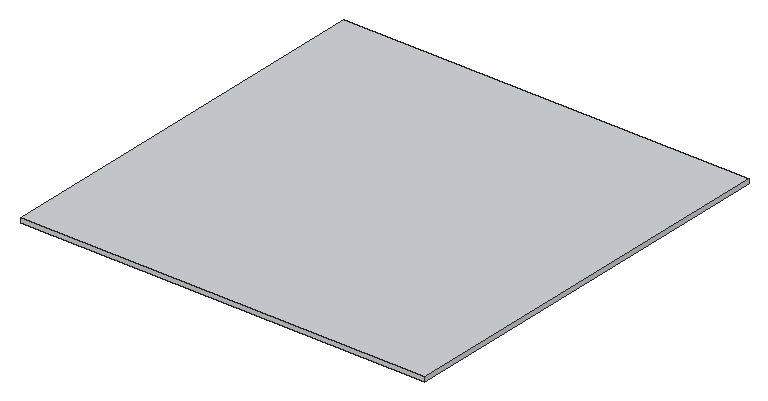
Revit family "M18", category Air Terminals, host Face, Revit 2025
Family settings
  Host = Face
  Round Connector Dimension = Use Diameter
  Part Type = Normal
  Cut with Voids When Loaded = No
  Maintain Annotation Orientation = Yes
  Shared = No
  Room Calculation Point = No
Parameters (values of type "Standard")
  X = 1/8"
  Width = 24"
  W = 5/16"
  V = 9/16"
  Length = 12"
  L = K - J  # 1 1/4"
  K = 2 1/2"
  J = 1 1/4"
  Duct Width [instance] = 12"
  Duct Height [instance] = 12"
  Default Elevation = 48"
  D' -3/4 = D' - 3/4"  # 11 1/4"
  D' -1/2 = D' - 1/2"  # 11 1/2"
  D' +1 3/4 = D' + 1 3/4"  # 13 3/4"
  D' = D / 2  # 12"
  D = 24"
Reference planes (in)
  plane 1 "Center (Front/Back)": y = 0
  plane 2: z = 0
  plane 3 "Center (Left/Right)": x = 0
  plane 4: x = 0
  plane 5: y = 0
Forms (in)
  Extrusion 1, solid
    sketch origin (0, 0, 0) x (1, 0, 0) y (0, 1, 0)
      loop
        line (-48, 48) -> (-48, -48) -> (48, -48) -> (48, 48) -> (-48, 48)
    from 0 to 1
  Sweep 2, solid, detail levels medium+fine
    path origin (0.00024, -36, 1.12815) x (0, -1, 0) y (1, 0, 0)
      loop
        line (-48, -6.00024) -> (-24, -6.00024) -> (-24, 5.99976) -> (-48, 5.99976) -> (-48, -6.00024)
    profile origin (0, 12, 1.12815) x (0, 1, 0) y (0, 0, 1)
      loop
        line (-0.03676, -2.58251) -> (-0.13924, -2.68499) -> (-0.13924, -2.87026) -> (0.13924, -2.87026) -> (0.13924, -2.68499) -> (0.03676, -2.58251) -> (0.03676, -1.12815) -> (0.28125, -1.12815) -> (0.28125, -0.81565) -> (-0.28125, -0.81565) -> (-0.28125, -1.12815) -> (-0.03676, -1.12815) -> (-0.03676, -2.58251)
      loop
        line (-0.69236, -0.89539) -> (-0.69236, -0.9719) -> (-0.50139, -0.9719) -> (-0.50139, -1.24976) -> (-0.19275, -1.24976) -> (-0.19275, -1.18961) -> (-0.42802, -1.18961) -> (-0.42802, -0.89539) -> (-0.69236, -0.89539)
      loop
        line (-0.75, -2.2298) -> (-0.69236, -2.2298) -> (-0.69236, -1.0668) -> (-0.60874, -1.0668) -> (-0.60874, -1.3168) -> (-0.5554, -1.3168) -> (-0.5554, -1.01055) -> (-0.75, -1.01055) -> (-0.75, -2.2298)
  Extrusion 3, solid, detail levels medium
    sketch origin (0, 0, 0) x (1, 0, 0) y (0, 1, 0)
      loop
        line (-5.71875, 11.71875) -> (-5.71875, 11.57198) -> (5.57198, 11.57198) -> (5.57198, 11.71875) -> (-5.71875, 11.71875)
    from 0 to -1.04566
  Extrusion 4, solid, detail levels medium
    sketch origin (0, -23.29073, 0) x (1, 0, 0) y (0, 1, 0)
      loop
        line (-5.71875, 11.71875) -> (-5.71875, 11.57198) -> (5.57198, 11.57198) -> (5.57198, 11.71875) -> (-5.71875, 11.71875)
    from 0 to -1.04566
  Extrusion 5, solid, detail levels medium
    sketch origin (0, -0.68502, 0) x (1, 0, 0) y (0, 1, 0)
      loop
        line (-5.71875, 11.71875) -> (-5.71875, 11.57198) -> (5.57198, 11.57198) -> (5.57198, 11.71875) -> (-5.71875, 11.71875)
    from 0 to -1.04566
  Extrusion 6, solid, detail levels medium
    sketch origin (0, -1.37004, 0) x (1, 0, 0) y (0, 1, 0)
      loop
        line (-5.71875, 11.71875) -> (-5.71875, 11.57198) -> (5.57198, 11.57198) -> (5.57198, 11.71875) -> (-5.71875, 11.71875)
    from 0 to -1.04566
  Extrusion 7, solid, detail levels medium
    sketch origin (0, -2.05506, 0) x (1, 0, 0) y (0, 1, 0)
      loop
        line (-5.71875, 11.71875) -> (-5.71875, 11.57198) -> (5.57198, 11.57198) -> (5.57198, 11.71875) -> (-5.71875, 11.71875)
    from 0 to -1.04566
  Extrusion 8, solid, detail levels medium
    sketch origin (0, -2.74009, 0) x (1, 0, 0) y (0, 1, 0)
      loop
        line (-5.71875, 11.71875) -> (-5.71875, 11.57198) -> (5.57198, 11.57198) -> (5.57198, 11.71875) -> (-5.71875, 11.71875)
    from 0 to -1.04566
  Extrusion 9, solid, detail levels medium
    sketch origin (0, -3.42511, 0) x (1, 0, 0) y (0, 1, 0)
      loop
        line (-5.71875, 11.71875) -> (-5.71875, 11.57198) -> (5.57198, 11.57198) -> (5.57198, 11.71875) -> (-5.71875, 11.71875)
    from 0 to -1.04566
  Extrusion 10, solid, detail levels medium
    sketch origin (0, -4.11013, 0) x (1, 0, 0) y (0, 1, 0)
      loop
        line (-5.71875, 11.71875) -> (-5.71875, 11.57198) -> (5.57198, 11.57198) -> (5.57198, 11.71875) -> (-5.71875, 11.71875)
    from 0 to -1.04566
  Extrusion 11, solid, detail levels medium
    sketch origin (0, -4.79515, 0) x (1, 0, 0) y (0, 1, 0)
      loop
        line (-5.71875, 11.71875) -> (-5.71875, 11.57198) -> (5.57198, 11.57198) -> (5.57198, 11.71875) -> (-5.71875, 11.71875)
    from 0 to -1.04566
  Extrusion 12, solid, detail levels medium
    sketch origin (0, -5.48017, 0) x (1, 0, 0) y (0, 1, 0)
      loop
        line (-5.71875, 11.71875) -> (-5.71875, 11.57198) -> (5.57198, 11.57198) -> (5.57198, 11.71875) -> (-5.71875, 11.71875)
    from 0 to -1.04566
  Extrusion 13, solid, detail levels medium
    sketch origin (0, -6.16519, 0) x (1, 0, 0) y (0, 1, 0)
      loop
        line (-5.71875, 11.71875) -> (-5.71875, 11.57198) -> (5.57198, 11.57198) -> (5.57198, 11.71875) -> (-5.71875, 11.71875)
    from 0 to -1.04566
  Extrusion 14, solid, detail levels medium
    sketch origin (0, -6.85021, 0) x (1, 0, 0) y (0, 1, 0)
      loop
        line (-5.71875, 11.71875) -> (-5.71875, 11.57198) -> (5.57198, 11.57198) -> (5.57198, 11.71875) -> (-5.71875, 11.71875)
    from 0 to -1.04566
  Extrusion 15, solid, detail levels medium
    sketch origin (0, -7.53524, 0) x (1, 0, 0) y (0, 1, 0)
      loop
        line (-5.71875, 11.71875) -> (-5.71875, 11.57198) -> (5.57198, 11.57198) -> (5.57198, 11.71875) -> (-5.71875, 11.71875)
    from 0 to -1.04566
  Extrusion 16, solid, detail levels medium
    sketch origin (0, -8.22026, 0) x (1, 0, 0) y (0, 1, 0)
      loop
        line (-5.71875, 11.71875) -> (-5.71875, 11.57198) -> (5.57198, 11.57198) -> (5.57198, 11.71875) -> (-5.71875, 11.71875)
    from 0 to -1.04566
  Extrusion 17, solid, detail levels medium
    sketch origin (0, -8.90528, 0) x (1, 0, 0) y (0, 1, 0)
      loop
        line (-5.71875, 11.71875) -> (-5.71875, 11.57198) -> (5.57198, 11.57198) -> (5.57198, 11.71875) -> (-5.71875, 11.71875)
    from 0 to -1.04566
  Extrusion 18, solid, detail levels medium
    sketch origin (0, -9.5903, 0) x (1, 0, 0) y (0, 1, 0)
      loop
        line (-5.71875, 11.71875) -> (-5.71875, 11.57198) -> (5.57198, 11.57198) -> (5.57198, 11.71875) -> (-5.71875, 11.71875)
    from 0 to -1.04566
  Extrusion 19, solid, detail levels medium
    sketch origin (0, -10.27532, 0) x (1, 0, 0) y (0, 1, 0)
      loop
        line (-5.71875, 11.71875) -> (-5.71875, 11.57198) -> (5.57198, 11.57198) -> (5.57198, 11.71875) -> (-5.71875, 11.71875)
    from 0 to -1.04566
  Extrusion 20, solid, detail levels medium
    sketch origin (0, -10.96034, 0) x (1, 0, 0) y (0, 1, 0)
      loop
        line (-5.71875, 11.71875) -> (-5.71875, 11.57198) -> (5.57198, 11.57198) -> (5.57198, 11.71875) -> (-5.71875, 11.71875)
    from 0 to -1.04566
  Extrusion 21, solid, detail levels medium
    sketch origin (0, -11.64536, 0) x (1, 0, 0) y (0, 1, 0)
      loop
        line (-5.71875, 11.71875) -> (-5.71875, 11.57198) -> (5.57198, 11.57198) -> (5.57198, 11.71875) -> (-5.71875, 11.71875)
    from 0 to -1.04566
  Extrusion 22, solid, detail levels medium
    sketch origin (0, -12.33038, 0) x (1, 0, 0) y (0, 1, 0)
      loop
        line (-5.71875, 11.71875) -> (-5.71875, 11.57198) -> (5.57198, 11.57198) -> (5.57198, 11.71875) -> (-5.71875, 11.71875)
    from 0 to -1.04566
  Extrusion 23, solid, detail levels medium
    sketch origin (0, -13.01541, 0) x (1, 0, 0) y (0, 1, 0)
      loop
        line (-5.71875, 11.71875) -> (-5.71875, 11.57198) -> (5.57198, 11.57198) -> (5.57198, 11.71875) -> (-5.71875, 11.71875)
    from 0 to -1.04566
  Extrusion 24, solid, detail levels medium
    sketch origin (0, -13.70043, 0) x (1, 0, 0) y (0, 1, 0)
      loop
        line (-5.71875, 11.71875) -> (-5.71875, 11.57198) -> (5.57198, 11.57198) -> (5.57198, 11.71875) -> (-5.71875, 11.71875)
    from 0 to -1.04566
  Extrusion 25, solid, detail levels medium
    sketch origin (0, -14.38545, 0) x (1, 0, 0) y (0, 1, 0)
      loop
        line (-5.71875, 11.71875) -> (-5.71875, 11.57198) -> (5.57198, 11.57198) -> (5.57198, 11.71875) -> (-5.71875, 11.71875)
    from 0 to -1.04566
  Extrusion 26, solid, detail levels medium
    sketch origin (0, -15.07047, 0) x (1, 0, 0) y (0, 1, 0)
      loop
        line (-5.71875, 11.71875) -> (-5.71875, 11.57198) -> (5.57198, 11.57198) -> (5.57198, 11.71875) -> (-5.71875, 11.71875)
    from 0 to -1.04566
  Extrusion 27, solid, detail levels medium
    sketch origin (0, -15.75549, 0) x (1, 0, 0) y (0, 1, 0)
      loop
        line (-5.71875, 11.71875) -> (-5.71875, 11.57198) -> (5.57198, 11.57198) -> (5.57198, 11.71875) -> (-5.71875, 11.71875)
    from 0 to -1.04566
  Extrusion 28, solid, detail levels medium
    sketch origin (0, -16.44051, 0) x (1, 0, 0) y (0, 1, 0)
      loop
        line (-5.71875, 11.71875) -> (-5.71875, 11.57198) -> (5.57198, 11.57198) -> (5.57198, 11.71875) -> (-5.71875, 11.71875)
    from 0 to -1.04566
  Extrusion 29, solid, detail levels medium
    sketch origin (0, -17.12553, 0) x (1, 0, 0) y (0, 1, 0)
      loop
        line (-5.71875, 11.71875) -> (-5.71875, 11.57198) -> (5.57198, 11.57198) -> (5.57198, 11.71875) -> (-5.71875, 11.71875)
    from 0 to -1.04566
  Extrusion 30, solid, detail levels medium
    sketch origin (0, -17.81056, 0) x (1, 0, 0) y (0, 1, 0)
      loop
        line (-5.71875, 11.71875) -> (-5.71875, 11.57198) -> (5.57198, 11.57198) -> (5.57198, 11.71875) -> (-5.71875, 11.71875)
    from 0 to -1.04566
  Extrusion 31, solid, detail levels medium
    sketch origin (0, -18.49558, 0) x (1, 0, 0) y (0, 1, 0)
      loop
        line (-5.71875, 11.71875) -> (-5.71875, 11.57198) -> (5.57198, 11.57198) -> (5.57198, 11.71875) -> (-5.71875, 11.71875)
    from 0 to -1.04566
  Extrusion 32, solid, detail levels medium
    sketch origin (0, -19.1806, 0) x (1, 0, 0) y (0, 1, 0)
      loop
        line (-5.71875, 11.71875) -> (-5.71875, 11.57198) -> (5.57198, 11.57198) -> (5.57198, 11.71875) -> (-5.71875, 11.71875)
    from 0 to -1.04566
  Extrusion 33, solid, detail levels medium
    sketch origin (0, -19.86562, 0) x (1, 0, 0) y (0, 1, 0)
      loop
        line (-5.71875, 11.71875) -> (-5.71875, 11.57198) -> (5.57198, 11.57198) -> (5.57198, 11.71875) -> (-5.71875, 11.71875)
    from 0 to -1.04566
  Extrusion 34, solid, detail levels medium
    sketch origin (0, -20.55064, 0) x (1, 0, 0) y (0, 1, 0)
      loop
        line (-5.71875, 11.71875) -> (-5.71875, 11.57198) -> (5.57198, 11.57198) -> (5.57198, 11.71875) -> (-5.71875, 11.71875)
    from 0 to -1.04566
  Extrusion 35, solid, detail levels medium
    sketch origin (0, -21.23566, 0) x (1, 0, 0) y (0, 1, 0)
      loop
        line (-5.71875, 11.71875) -> (-5.71875, 11.57198) -> (5.57198, 11.57198) -> (5.57198, 11.71875) -> (-5.71875, 11.71875)
    from 0 to -1.04566
  Extrusion 36, solid, detail levels medium
    sketch origin (0, -21.92068, 0) x (1, 0, 0) y (0, 1, 0)
      loop
        line (-5.71875, 11.71875) -> (-5.71875, 11.57198) -> (5.57198, 11.57198) -> (5.57198, 11.71875) -> (-5.71875, 11.71875)
    from 0 to -1.04566
  Extrusion 37, solid, detail levels medium
    sketch origin (0, -22.60571, 0) x (1, 0, 0) y (0, 1, 0)
      loop
        line (-5.71875, 11.71875) -> (-5.71875, 11.57198) -> (5.57198, 11.57198) -> (5.57198, 11.71875) -> (-5.71875, 11.71875)
    from 0 to -1.04566
  Extrusion 38, solid, detail levels medium
    sketch origin (0, 0, 0) x (1, 0, 0) y (0, 1, 0)
      loop
        line (5.4446, 11.71875) -> (5.4446, -11.71875) -> (5.57198, -11.71875) -> (5.57198, 11.71875) -> (5.4446, 11.71875)
    from 0 to -1.04566
  Extrusion 39, solid, detail levels medium
    sketch origin (-11.16335, 0, 0) x (1, 0, 0) y (0, 1, 0)
      loop
        line (5.4446, 11.71875) -> (5.4446, -11.71875) -> (5.57198, -11.71875) -> (5.57198, 11.71875) -> (5.4446, 11.71875)
    from 0 to -1.04566
  Extrusion 40, solid, detail levels medium
    sketch origin (-0.58754, 0, 0) x (1, 0, 0) y (0, 1, 0)
      loop
        line (5.4446, 11.71875) -> (5.4446, -11.71875) -> (5.57198, -11.71875) -> (5.57198, 11.71875) -> (5.4446, 11.71875)
    from 0 to -1.04566
  Extrusion 41, solid, detail levels medium
    sketch origin (-1.17509, 0, 0) x (1, 0, 0) y (0, 1, 0)
      loop
        line (5.4446, 11.71875) -> (5.4446, -11.71875) -> (5.57198, -11.71875) -> (5.57198, 11.71875) -> (5.4446, 11.71875)
    from 0 to -1.04566
  Extrusion 42, solid, detail levels medium
    sketch origin (-1.76263, 0, 0) x (1, 0, 0) y (0, 1, 0)
      loop
        line (5.4446, 11.71875) -> (5.4446, -11.71875) -> (5.57198, -11.71875) -> (5.57198, 11.71875) -> (5.4446, 11.71875)
    from 0 to -1.04566
  Extrusion 43, solid, detail levels medium
    sketch origin (-2.35018, 0, 0) x (1, 0, 0) y (0, 1, 0)
      loop
        line (5.4446, 11.71875) -> (5.4446, -11.71875) -> (5.57198, -11.71875) -> (5.57198, 11.71875) -> (5.4446, 11.71875)
    from 0 to -1.04566
  Extrusion 44, solid, detail levels medium
    sketch origin (-2.93772, 0, 0) x (1, 0, 0) y (0, 1, 0)
      loop
        line (5.4446, 11.71875) -> (5.4446, -11.71875) -> (5.57198, -11.71875) -> (5.57198, 11.71875) -> (5.4446, 11.71875)
    from 0 to -1.04566
  Extrusion 45, solid, detail levels medium
    sketch origin (-3.52527, 0, 0) x (1, 0, 0) y (0, 1, 0)
      loop
        line (5.4446, 11.71875) -> (5.4446, -11.71875) -> (5.57198, -11.71875) -> (5.57198, 11.71875) -> (5.4446, 11.71875)
    from 0 to -1.04566
  Extrusion 46, solid, detail levels medium
    sketch origin (-4.11281, 0, 0) x (1, 0, 0) y (0, 1, 0)
      loop
        line (5.4446, 11.71875) -> (5.4446, -11.71875) -> (5.57198, -11.71875) -> (5.57198, 11.71875) -> (5.4446, 11.71875)
    from 0 to -1.04566
  Extrusion 47, solid, detail levels medium
    sketch origin (-4.70036, 0, 0) x (1, 0, 0) y (0, 1, 0)
      loop
        line (5.4446, 11.71875) -> (5.4446, -11.71875) -> (5.57198, -11.71875) -> (5.57198, 11.71875) -> (5.4446, 11.71875)
    from 0 to -1.04566
  Extrusion 48, solid, detail levels medium
    sketch origin (-5.2879, 0, 0) x (1, 0, 0) y (0, 1, 0)
      loop
        line (5.4446, 11.71875) -> (5.4446, -11.71875) -> (5.57198, -11.71875) -> (5.57198, 11.71875) -> (5.4446, 11.71875)
    from 0 to -1.04566
  Extrusion 49, solid, detail levels medium
    sketch origin (-5.87545, 0, 0) x (1, 0, 0) y (0, 1, 0)
      loop
        line (5.4446, 11.71875) -> (5.4446, -11.71875) -> (5.57198, -11.71875) -> (5.57198, 11.71875) -> (5.4446, 11.71875)
    from 0 to -1.04566
  Extrusion 50, solid, detail levels medium
    sketch origin (-6.46299, 0, 0) x (1, 0, 0) y (0, 1, 0)
      loop
        line (5.4446, 11.71875) -> (5.4446, -11.71875) -> (5.57198, -11.71875) -> (5.57198, 11.71875) -> (5.4446, 11.71875)
    from 0 to -1.04566
  Extrusion 51, solid, detail levels medium
    sketch origin (-7.05054, 0, 0) x (1, 0, 0) y (0, 1, 0)
      loop
        line (5.4446, 11.71875) -> (5.4446, -11.71875) -> (5.57198, -11.71875) -> (5.57198, 11.71875) -> (5.4446, 11.71875)
    from 0 to -1.04566
  Extrusion 52, solid, detail levels medium
    sketch origin (-7.63808, 0, 0) x (1, 0, 0) y (0, 1, 0)
      loop
        line (5.4446, 11.71875) -> (5.4446, -11.71875) -> (5.57198, -11.71875) -> (5.57198, 11.71875) -> (5.4446, 11.71875)
    from 0 to -1.04566
  Extrusion 53, solid, detail levels medium
    sketch origin (-8.22563, 0, 0) x (1, 0, 0) y (0, 1, 0)
      loop
        line (5.4446, 11.71875) -> (5.4446, -11.71875) -> (5.57198, -11.71875) -> (5.57198, 11.71875) -> (5.4446, 11.71875)
    from 0 to -1.04566
  Extrusion 54, solid, detail levels medium
    sketch origin (-8.81317, 0, 0) x (1, 0, 0) y (0, 1, 0)
      loop
        line (5.4446, 11.71875) -> (5.4446, -11.71875) -> (5.57198, -11.71875) -> (5.57198, 11.71875) -> (5.4446, 11.71875)
    from 0 to -1.04566
  Extrusion 55, solid, detail levels medium
    sketch origin (-9.40072, 0, 0) x (1, 0, 0) y (0, 1, 0)
      loop
        line (5.4446, 11.71875) -> (5.4446, -11.71875) -> (5.57198, -11.71875) -> (5.57198, 11.71875) -> (5.4446, 11.71875)
    from 0 to -1.04566
  Extrusion 56, solid, detail levels medium
    sketch origin (-9.98826, 0, 0) x (1, 0, 0) y (0, 1, 0)
      loop
        line (5.4446, 11.71875) -> (5.4446, -11.71875) -> (5.57198, -11.71875) -> (5.57198, 11.71875) -> (5.4446, 11.71875)
    from 0 to -1.04566
  Extrusion 57, solid, detail levels medium
    sketch origin (-10.5758, 0, 0) x (1, 0, 0) y (0, 1, 0)
      loop
        line (5.4446, 11.71875) -> (5.4446, -11.71875) -> (5.57198, -11.71875) -> (5.57198, 11.71875) -> (5.4446, 11.71875)
    from 0 to -1.04566
  Extrusion 58, solid, not visible, detail levels medium
    sketch origin (0, 0, 0) x (1, 0, 0) y (0, 1, 0)
      loop
        line (5.4446, 11.71875) -> (5.4446, -11.71875) -> (5.57198, -11.71875) -> (5.57198, 11.71875) -> (5.4446, 11.71875)
    from 0 to -1.04566
  Extrusion 59, solid, not visible, detail levels medium
    sketch origin (0, 0, 0) x (1, 0, 0) y (0, 1, 0)
      loop
        line (-5.71875, 11.71875) -> (-5.71875, 11.57198) -> (5.57198, 11.57198) -> (5.57198, 11.71875) -> (-5.71875, 11.71875)
    from 0 to -1.04566
  Extrusion 60, solid, not visible, detail levels medium
    sketch origin (0, 0, 0) x (1, 0, 0) y (0, 1, 0)
      loop
        line (-5.71875, 11.71875) -> (-5.71875, 11.57198) -> (5.57198, 11.57198) -> (5.57198, 11.71875) -> (-5.71875, 11.71875)
    from 0 to -1.04566
  Extrusion 61, solid, not visible, detail levels medium
    sketch origin (0, -23.29073, 0) x (1, 0, 0) y (0, 1, 0)
      loop
        line (-5.71875, 11.71875) -> (-5.71875, 11.57198) -> (5.57198, 11.57198) -> (5.57198, 11.71875) -> (-5.71875, 11.71875)
    from 0 to -1.04566
  Extrusion 62, solid, not visible, detail levels medium
    sketch origin (0, -0.68502, 0) x (1, 0, 0) y (0, 1, 0)
      loop
        line (-5.71875, 11.71875) -> (-5.71875, 11.57198) -> (5.57198, 11.57198) -> (5.57198, 11.71875) -> (-5.71875, 11.71875)
    from 0 to -1.04566
  Extrusion 63, solid, not visible, detail levels medium
    sketch origin (0, -1.37004, 0) x (1, 0, 0) y (0, 1, 0)
      loop
        line (-5.71875, 11.71875) -> (-5.71875, 11.57198) -> (5.57198, 11.57198) -> (5.57198, 11.71875) -> (-5.71875, 11.71875)
    from 0 to -1.04566
  Extrusion 64, solid, not visible, detail levels medium
    sketch origin (0, -2.05506, 0) x (1, 0, 0) y (0, 1, 0)
      loop
        line (-5.71875, 11.71875) -> (-5.71875, 11.57198) -> (5.57198, 11.57198) -> (5.57198, 11.71875) -> (-5.71875, 11.71875)
    from 0 to -1.04566
  Extrusion 65, solid, not visible, detail levels medium
    sketch origin (0, -2.74009, 0) x (1, 0, 0) y (0, 1, 0)
      loop
        line (-5.71875, 11.71875) -> (-5.71875, 11.57198) -> (5.57198, 11.57198) -> (5.57198, 11.71875) -> (-5.71875, 11.71875)
    from 0 to -1.04566
  Extrusion 66, solid, not visible, detail levels medium
    sketch origin (0, -3.42511, 0) x (1, 0, 0) y (0, 1, 0)
      loop
        line (-5.71875, 11.71875) -> (-5.71875, 11.57198) -> (5.57198, 11.57198) -> (5.57198, 11.71875) -> (-5.71875, 11.71875)
    from 0 to -1.04566
  Extrusion 67, solid, not visible, detail levels medium
    sketch origin (0, -4.11013, 0) x (1, 0, 0) y (0, 1, 0)
      loop
        line (-5.71875, 11.71875) -> (-5.71875, 11.57198) -> (5.57198, 11.57198) -> (5.57198, 11.71875) -> (-5.71875, 11.71875)
    from 0 to -1.04566
  Extrusion 68, solid, not visible, detail levels medium
    sketch origin (0, -4.79515, 0) x (1, 0, 0) y (0, 1, 0)
      loop
        line (-5.71875, 11.71875) -> (-5.71875, 11.57198) -> (5.57198, 11.57198) -> (5.57198, 11.71875) -> (-5.71875, 11.71875)
    from 0 to -1.04566
  Extrusion 69, solid, not visible, detail levels medium
    sketch origin (0, -5.48017, 0) x (1, 0, 0) y (0, 1, 0)
      loop
        line (-5.71875, 11.71875) -> (-5.71875, 11.57198) -> (5.57198, 11.57198) -> (5.57198, 11.71875) -> (-5.71875, 11.71875)
    from 0 to -1.04566
  Extrusion 70, solid, not visible, detail levels medium
    sketch origin (0, -6.16519, 0) x (1, 0, 0) y (0, 1, 0)
      loop
        line (-5.71875, 11.71875) -> (-5.71875, 11.57198) -> (5.57198, 11.57198) -> (5.57198, 11.71875) -> (-5.71875, 11.71875)
    from 0 to -1.04566
  Extrusion 71, solid, not visible, detail levels medium
    sketch origin (0, -6.85021, 0) x (1, 0, 0) y (0, 1, 0)
      loop
        line (-5.71875, 11.71875) -> (-5.71875, 11.57198) -> (5.57198, 11.57198) -> (5.57198, 11.71875) -> (-5.71875, 11.71875)
    from 0 to -1.04566
  Extrusion 72, solid, not visible, detail levels medium
    sketch origin (0, -7.53524, 0) x (1, 0, 0) y (0, 1, 0)
      loop
        line (-5.71875, 11.71875) -> (-5.71875, 11.57198) -> (5.57198, 11.57198) -> (5.57198, 11.71875) -> (-5.71875, 11.71875)
    from 0 to -1.04566
  Extrusion 73, solid, not visible, detail levels medium
    sketch origin (0, -8.22026, 0) x (1, 0, 0) y (0, 1, 0)
      loop
        line (-5.71875, 11.71875) -> (-5.71875, 11.57198) -> (5.57198, 11.57198) -> (5.57198, 11.71875) -> (-5.71875, 11.71875)
    from 0 to -1.04566
  Extrusion 74, solid, not visible, detail levels medium
    sketch origin (0, -8.90528, 0) x (1, 0, 0) y (0, 1, 0)
      loop
        line (-5.71875, 11.71875) -> (-5.71875, 11.57198) -> (5.57198, 11.57198) -> (5.57198, 11.71875) -> (-5.71875, 11.71875)
    from 0 to -1.04566
  Extrusion 75, solid, not visible, detail levels medium
    sketch origin (0, -9.5903, 0) x (1, 0, 0) y (0, 1, 0)
      loop
        line (-5.71875, 11.71875) -> (-5.71875, 11.57198) -> (5.57198, 11.57198) -> (5.57198, 11.71875) -> (-5.71875, 11.71875)
    from 0 to -1.04566
  Extrusion 76, solid, not visible, detail levels medium
    sketch origin (0, -10.27532, 0) x (1, 0, 0) y (0, 1, 0)
      loop
        line (-5.71875, 11.71875) -> (-5.71875, 11.57198) -> (5.57198, 11.57198) -> (5.57198, 11.71875) -> (-5.71875, 11.71875)
    from 0 to -1.04566
  Extrusion 77, solid, not visible, detail levels medium
    sketch origin (0, -10.96034, 0) x (1, 0, 0) y (0, 1, 0)
      loop
        line (-5.71875, 11.71875) -> (-5.71875, 11.57198) -> (5.57198, 11.57198) -> (5.57198, 11.71875) -> (-5.71875, 11.71875)
    from 0 to -1.04566
  Extrusion 78, solid, not visible, detail levels medium
    sketch origin (0, -11.64536, 0) x (1, 0, 0) y (0, 1, 0)
      loop
        line (-5.71875, 11.71875) -> (-5.71875, 11.57198) -> (5.57198, 11.57198) -> (5.57198, 11.71875) -> (-5.71875, 11.71875)
    from 0 to -1.04566
  Extrusion 79, solid, not visible, detail levels medium
    sketch origin (0, -12.33038, 0) x (1, 0, 0) y (0, 1, 0)
      loop
        line (-5.71875, 11.71875) -> (-5.71875, 11.57198) -> (5.57198, 11.57198) -> (5.57198, 11.71875) -> (-5.71875, 11.71875)
    from 0 to -1.04566
  Extrusion 80, solid, not visible, detail levels medium
    sketch origin (0, -13.01541, 0) x (1, 0, 0) y (0, 1, 0)
      loop
        line (-5.71875, 11.71875) -> (-5.71875, 11.57198) -> (5.57198, 11.57198) -> (5.57198, 11.71875) -> (-5.71875, 11.71875)
    from 0 to -1.04566
  Extrusion 81, solid, not visible, detail levels medium
    sketch origin (0, -13.70043, 0) x (1, 0, 0) y (0, 1, 0)
      loop
        line (-5.71875, 11.71875) -> (-5.71875, 11.57198) -> (5.57198, 11.57198) -> (5.57198, 11.71875) -> (-5.71875, 11.71875)
    from 0 to -1.04566
  Extrusion 82, solid, not visible, detail levels medium
    sketch origin (0, -14.38545, 0) x (1, 0, 0) y (0, 1, 0)
      loop
        line (-5.71875, 11.71875) -> (-5.71875, 11.57198) -> (5.57198, 11.57198) -> (5.57198, 11.71875) -> (-5.71875, 11.71875)
    from 0 to -1.04566
  Extrusion 83, solid, not visible, detail levels medium
    sketch origin (0, -15.07047, 0) x (1, 0, 0) y (0, 1, 0)
      loop
        line (-5.71875, 11.71875) -> (-5.71875, 11.57198) -> (5.57198, 11.57198) -> (5.57198, 11.71875) -> (-5.71875, 11.71875)
    from 0 to -1.04566
  Extrusion 84, solid, not visible, detail levels medium
    sketch origin (0, -15.75549, 0) x (1, 0, 0) y (0, 1, 0)
      loop
        line (-5.71875, 11.71875) -> (-5.71875, 11.57198) -> (5.57198, 11.57198) -> (5.57198, 11.71875) -> (-5.71875, 11.71875)
    from 0 to -1.04566
  Extrusion 85, solid, not visible, detail levels medium
    sketch origin (0, -16.44051, 0) x (1, 0, 0) y (0, 1, 0)
      loop
        line (-5.71875, 11.71875) -> (-5.71875, 11.57198) -> (5.57198, 11.57198) -> (5.57198, 11.71875) -> (-5.71875, 11.71875)
    from 0 to -1.04566
  Extrusion 86, solid, not visible, detail levels medium
    sketch origin (0, -17.12553, 0) x (1, 0, 0) y (0, 1, 0)
      loop
        line (-5.71875, 11.71875) -> (-5.71875, 11.57198) -> (5.57198, 11.57198) -> (5.57198, 11.71875) -> (-5.71875, 11.71875)
    from 0 to -1.04566
  Extrusion 87, solid, not visible, detail levels medium
    sketch origin (0, -17.81056, 0) x (1, 0, 0) y (0, 1, 0)
      loop
        line (-5.71875, 11.71875) -> (-5.71875, 11.57198) -> (5.57198, 11.57198) -> (5.57198, 11.71875) -> (-5.71875, 11.71875)
    from 0 to -1.04566
  Extrusion 88, solid, not visible, detail levels medium
    sketch origin (0, -18.49558, 0) x (1, 0, 0) y (0, 1, 0)
      loop
        line (-5.71875, 11.71875) -> (-5.71875, 11.57198) -> (5.57198, 11.57198) -> (5.57198, 11.71875) -> (-5.71875, 11.71875)
    from 0 to -1.04566
  Extrusion 89, solid, not visible, detail levels medium
    sketch origin (0, -19.1806, 0) x (1, 0, 0) y (0, 1, 0)
      loop
        line (-5.71875, 11.71875) -> (-5.71875, 11.57198) -> (5.57198, 11.57198) -> (5.57198, 11.71875) -> (-5.71875, 11.71875)
    from 0 to -1.04566
  Extrusion 90, solid, not visible, detail levels medium
    sketch origin (0, -19.86562, 0) x (1, 0, 0) y (0, 1, 0)
      loop
        line (-5.71875, 11.71875) -> (-5.71875, 11.57198) -> (5.57198, 11.57198) -> (5.57198, 11.71875) -> (-5.71875, 11.71875)
    from 0 to -1.04566
  Extrusion 91, solid, not visible, detail levels medium
    sketch origin (0, -20.55064, 0) x (1, 0, 0) y (0, 1, 0)
      loop
        line (-5.71875, 11.71875) -> (-5.71875, 11.57198) -> (5.57198, 11.57198) -> (5.57198, 11.71875) -> (-5.71875, 11.71875)
    from 0 to -1.04566
  Extrusion 92, solid, not visible, detail levels medium
    sketch origin (0, -21.23566, 0) x (1, 0, 0) y (0, 1, 0)
      loop
        line (-5.71875, 11.71875) -> (-5.71875, 11.57198) -> (5.57198, 11.57198) -> (5.57198, 11.71875) -> (-5.71875, 11.71875)
    from 0 to -1.04566
  Extrusion 93, solid, not visible, detail levels medium
    sketch origin (0, -21.92068, 0) x (1, 0, 0) y (0, 1, 0)
      loop
        line (-5.71875, 11.71875) -> (-5.71875, 11.57198) -> (5.57198, 11.57198) -> (5.57198, 11.71875) -> (-5.71875, 11.71875)
    from 0 to -1.04566
  Extrusion 94, solid, not visible, detail levels medium
    sketch origin (0, -22.60571, 0) x (1, 0, 0) y (0, 1, 0)
      loop
        line (-5.71875, 11.71875) -> (-5.71875, 11.57198) -> (5.57198, 11.57198) -> (5.57198, 11.71875) -> (-5.71875, 11.71875)
    from 0 to -1.04566
  Extrusion 95, solid, not visible, detail levels medium
    sketch origin (0, 0, 0) x (1, 0, 0) y (0, 1, 0)
      loop
        line (5.4446, 11.71875) -> (5.4446, -11.71875) -> (5.57198, -11.71875) -> (5.57198, 11.71875) -> (5.4446, 11.71875)
    from 0 to -1.04566
  Extrusion 96, solid, not visible, detail levels medium
    sketch origin (-11.16335, 0, 0) x (1, 0, 0) y (0, 1, 0)
      loop
        line (5.4446, 11.71875) -> (5.4446, -11.71875) -> (5.57198, -11.71875) -> (5.57198, 11.71875) -> (5.4446, 11.71875)
    from 0 to -1.04566
  Extrusion 97, solid, not visible, detail levels medium
    sketch origin (-0.58754, 0, 0) x (1, 0, 0) y (0, 1, 0)
      loop
        line (5.4446, 11.71875) -> (5.4446, -11.71875) -> (5.57198, -11.71875) -> (5.57198, 11.71875) -> (5.4446, 11.71875)
    from 0 to -1.04566
  Extrusion 98, solid, not visible, detail levels medium
    sketch origin (-1.17509, 0, 0) x (1, 0, 0) y (0, 1, 0)
      loop
        line (5.4446, 11.71875) -> (5.4446, -11.71875) -> (5.57198, -11.71875) -> (5.57198, 11.71875) -> (5.4446, 11.71875)
    from 0 to -1.04566
  Extrusion 99, solid, not visible, detail levels medium
    sketch origin (-1.76263, 0, 0) x (1, 0, 0) y (0, 1, 0)
      loop
        line (5.4446, 11.71875) -> (5.4446, -11.71875) -> (5.57198, -11.71875) -> (5.57198, 11.71875) -> (5.4446, 11.71875)
    from 0 to -1.04566
  Extrusion 100, solid, not visible, detail levels medium
    sketch origin (-2.35018, 0, 0) x (1, 0, 0) y (0, 1, 0)
      loop
        line (5.4446, 11.71875) -> (5.4446, -11.71875) -> (5.57198, -11.71875) -> (5.57198, 11.71875) -> (5.4446, 11.71875)
    from 0 to -1.04566
  Extrusion 101, solid, not visible, detail levels medium
    sketch origin (-2.93772, 0, 0) x (1, 0, 0) y (0, 1, 0)
      loop
        line (5.4446, 11.71875) -> (5.4446, -11.71875) -> (5.57198, -11.71875) -> (5.57198, 11.71875) -> (5.4446, 11.71875)
    from 0 to -1.04566
  Extrusion 102, solid, not visible, detail levels medium
    sketch origin (-3.52527, 0, 0) x (1, 0, 0) y (0, 1, 0)
      loop
        line (5.4446, 11.71875) -> (5.4446, -11.71875) -> (5.57198, -11.71875) -> (5.57198, 11.71875) -> (5.4446, 11.71875)
    from 0 to -1.04566
  Extrusion 103, solid, not visible, detail levels medium
    sketch origin (-4.11281, 0, 0) x (1, 0, 0) y (0, 1, 0)
      loop
        line (5.4446, 11.71875) -> (5.4446, -11.71875) -> (5.57198, -11.71875) -> (5.57198, 11.71875) -> (5.4446, 11.71875)
    from 0 to -1.04566
  Extrusion 104, solid, not visible, detail levels medium
    sketch origin (-4.70036, 0, 0) x (1, 0, 0) y (0, 1, 0)
      loop
        line (5.4446, 11.71875) -> (5.4446, -11.71875) -> (5.57198, -11.71875) -> (5.57198, 11.71875) -> (5.4446, 11.71875)
    from 0 to -1.04566
  Extrusion 105, solid, not visible, detail levels medium
    sketch origin (-5.2879, 0, 0) x (1, 0, 0) y (0, 1, 0)
      loop
        line (5.4446, 11.71875) -> (5.4446, -11.71875) -> (5.57198, -11.71875) -> (5.57198, 11.71875) -> (5.4446, 11.71875)
    from 0 to -1.04566
  Extrusion 106, solid, not visible, detail levels medium
    sketch origin (-5.87545, 0, 0) x (1, 0, 0) y (0, 1, 0)
      loop
        line (5.4446, 11.71875) -> (5.4446, -11.71875) -> (5.57198, -11.71875) -> (5.57198, 11.71875) -> (5.4446, 11.71875)
    from 0 to -1.04566
  Extrusion 107, solid, not visible, detail levels medium
    sketch origin (-6.46299, 0, 0) x (1, 0, 0) y (0, 1, 0)
      loop
        line (5.4446, 11.71875) -> (5.4446, -11.71875) -> (5.57198, -11.71875) -> (5.57198, 11.71875) -> (5.4446, 11.71875)
    from 0 to -1.04566
  Extrusion 108, solid, not visible, detail levels medium
    sketch origin (-7.05054, 0, 0) x (1, 0, 0) y (0, 1, 0)
      loop
        line (5.4446, 11.71875) -> (5.4446, -11.71875) -> (5.57198, -11.71875) -> (5.57198, 11.71875) -> (5.4446, 11.71875)
    from 0 to -1.04566
  Extrusion 109, solid, not visible, detail levels medium
    sketch origin (-7.63808, 0, 0) x (1, 0, 0) y (0, 1, 0)
      loop
        line (5.4446, 11.71875) -> (5.4446, -11.71875) -> (5.57198, -11.71875) -> (5.57198, 11.71875) -> (5.4446, 11.71875)
    from 0 to -1.04566
  Extrusion 110, solid, not visible, detail levels medium
    sketch origin (-8.22563, 0, 0) x (1, 0, 0) y (0, 1, 0)
      loop
        line (5.4446, 11.71875) -> (5.4446, -11.71875) -> (5.57198, -11.71875) -> (5.57198, 11.71875) -> (5.4446, 11.71875)
    from 0 to -1.04566
  Extrusion 111, solid, not visible, detail levels medium
    sketch origin (-8.81317, 0, 0) x (1, 0, 0) y (0, 1, 0)
      loop
        line (5.4446, 11.71875) -> (5.4446, -11.71875) -> (5.57198, -11.71875) -> (5.57198, 11.71875) -> (5.4446, 11.71875)
    from 0 to -1.04566
  Extrusion 112, solid, not visible, detail levels medium
    sketch origin (-9.40072, 0, 0) x (1, 0, 0) y (0, 1, 0)
      loop
        line (5.4446, 11.71875) -> (5.4446, -11.71875) -> (5.57198, -11.71875) -> (5.57198, 11.71875) -> (5.4446, 11.71875)
    from 0 to -1.04566
  Extrusion 113, solid, not visible, detail levels medium
    sketch origin (-9.98826, 0, 0) x (1, 0, 0) y (0, 1, 0)
      loop
        line (5.4446, 11.71875) -> (5.4446, -11.71875) -> (5.57198, -11.71875) -> (5.57198, 11.71875) -> (5.4446, 11.71875)
    from 0 to -1.04566
  Extrusion 114, solid, not visible, detail levels medium
    sketch origin (-10.5758, 0, 0) x (1, 0, 0) y (0, 1, 0)
      loop
        line (5.4446, 11.71875) -> (5.4446, -11.71875) -> (5.57198, -11.71875) -> (5.57198, 11.71875) -> (5.4446, 11.71875)
    from 0 to -1.04566
  Extrusion 115, void
    sketch origin (0, 0, 0) x (1, 0, 0) y (0, 1, 0)
      loop
        line (-5.71875, 11.80725) -> (-5.71875, -11.80725) -> (5.57198, -11.80725) -> (5.57198, 11.80725) -> (-5.71875, 11.80725)
    from -0.64864 to 0.3125
  Blend 116, solid
    base sketch origin (0, 0, 0) x (1, 0, 0) y (0, 1, 0)
      loop
        line (-6, 12) -> (-6, -12) -> (6, -12) -> (6, 12) -> (-6, 12)
    top sketch origin (0, 0, 0) x (1, 0, 0) y (0, 1, 0)
      loop
        line (-6, 6) -> (-6, -6) -> (6, -6) -> (6, 6) -> (-6, 6)
    from -1.45436 to -3.19161
Cuts and joins
  Extrusion 115 cuts Extrusion 39
  joined: Extrusion 3, Extrusion 4, Extrusion 5, Extrusion 6, Extrusion 7, Extrusion 8, Extrusion 9, Extrusion 10, Extrusion 11, Extrusion 12, Extrusion 13, Extrusion 14, Extrusion 15, Extrusion 16, Extrusion 17, Extrusion 18, Extrusion 19, Extrusion 20, Extrusion 21, Extrusion 22, Extrusion 23, Extrusion 24, Extrusion 25, Extrusion 26, Extrusion 27, Extrusion 28, Extrusion 29, Extrusion 30, Extrusion 31, Extrusion 32, Extrusion 33, Extrusion 34, Extrusion 35, Extrusion 36, Extrusion 37, Extrusion 38, Extrusion 39, Extrusion 40, Extrusion 41, Extrusion 42, Extrusion 43, Extrusion 44, Extrusion 45, Extrusion 46, Extrusion 47, Extrusion 48, Extrusion 49, Extrusion 50, Extrusion 51, Extrusion 52, Extrusion 53, Extrusion 54, Extrusion 55, Extrusion 56, Extrusion 57
Lines and regions (in)
  symbolic lines, detail levels coarse
    curve 1: line (-6, 12, 0) -> (6, 12, 0)
    curve 2: line (-6, -12, 0) -> (-6, 12, 0)
    curve 3: line (6, -12, 0) -> (-6, -12, 0)
    curve 4: line (6, 12, 0) -> (6, -12, 0)
    curve 5: line (6, 12, 0) -> (-6, -12, 0)
    curve 6: line (6, -12, 0) -> (-6, 12, 0)
Dimensions and locks (in)
  equal spacing: Sweep 2 sketch curve, plane 3 "Center (Left/Right)", Sweep 2 sketch curve
  equal spacing: Sweep 2 sketch curve, plane 1 "Center (Front/Back)", Sweep 2 sketch curve
  "Length": Sweep 2 sketch curve to Sweep 2 sketch curve
  "Width": Sweep 2 sketch curve to Sweep 2 sketch curve
  equal spacing: group 7, group 9, group 10, group 11, group 12, group 13, group 14, group 15, group 16, group 17, group 18, group 19, group 20, group 21, group 22, group 23, group 24, group 25, group 26, group 27, group 28, group 29, group 30, group 31, group 32, group 33, group 34, group 35, group 36, group 37, group 38, group 39, group 40, group 41, group 8  (x2)
  equal spacing: group 8, group 41, group 40, group 39, group 38, group 37, group 36, group 35, group 34, group 33, group 32, group 31, group 30, group 29, group 28, group 27, group 26, group 25, group 24, group 23, group 22, group 21, group 20, group 19, group 18, group 17, group 16, group 15, group 14, group 13, group 12, group 11, group 10, group 9, group 7
  equal spacing: group 43, group 61, group 60, group 59, group 58, group 57, group 56, group 55, group 54, group 53, group 52, group 51, group 50, group 49, group 48, group 47, group 46, group 45, group 44, group 42
  equal spacing: group 42, group 44, group 45, group 46, group 47, group 48, group 49, group 50, group 51, group 52, group 53, group 54, group 55, group 56, group 57, group 58, group 59, group 60, group 61, group 43  (x2)
  equal spacing: curve 2, plane 3 "Center (Left/Right)", curve 4
  equal spacing: curve 1, plane 1 "Center (Front/Back)", curve 3
  "Width": curve 1 to curve 3
  "Length": curve 2 to curve 4
  equal spacing: Blend 116 sketch curve, plane 3 "Center (Left/Right)", Blend 116 sketch curve  (x2)
  "Length": Blend 116 sketch curve to Blend 116 sketch curve
  equal spacing: Blend 116 sketch curve, plane 1 "Center (Front/Back)", Blend 116 sketch curve  (x2)
  "Width": Blend 116 sketch curve to Blend 116 sketch curve
  "Duct Height": Blend 116 sketch curve to Blend 116 sketch curve
  "Duct Width": Blend 116 sketch curve to Blend 116 sketch curve
  aligned and locked: plane 2 to Extrusion 1
  aligned and locked: level to Extrusion 1
Automatic sketch dimensions
  Extrusion 1 sketch curve to Extrusion 1 sketch curve = 96"  (x2)
  Extrusion 3 sketch curve to Extrusion 3 sketch curve = 0.14677"
  Extrusion 3 sketch curve to Extrusion 3 sketch curve = 11.29073"
  Extrusion 4 sketch curve to Extrusion 4 sketch curve = 0.14677"
  Extrusion 4 sketch curve to Extrusion 4 sketch curve = 11.29073"
  Extrusion 5 sketch curve to Extrusion 5 sketch curve = 0.14677"
  Extrusion 5 sketch curve to Extrusion 5 sketch curve = 11.29073"
  Extrusion 6 sketch curve to Extrusion 6 sketch curve = 0.14677"
  Extrusion 6 sketch curve to Extrusion 6 sketch curve = 11.29073"
  Extrusion 7 sketch curve to Extrusion 7 sketch curve = 0.14677"
  Extrusion 7 sketch curve to Extrusion 7 sketch curve = 11.29073"
  Extrusion 8 sketch curve to Extrusion 8 sketch curve = 0.14677"
  Extrusion 8 sketch curve to Extrusion 8 sketch curve = 11.29073"
  Extrusion 9 sketch curve to Extrusion 9 sketch curve = 0.14677"
  Extrusion 9 sketch curve to Extrusion 9 sketch curve = 11.29073"
  Extrusion 10 sketch curve to Extrusion 10 sketch curve = 0.14677"
  Extrusion 10 sketch curve to Extrusion 10 sketch curve = 11.29073"
  Extrusion 11 sketch curve to Extrusion 11 sketch curve = 0.14677"
  Extrusion 11 sketch curve to Extrusion 11 sketch curve = 11.29073"
  Extrusion 12 sketch curve to Extrusion 12 sketch curve = 0.14677"
  Extrusion 12 sketch curve to Extrusion 12 sketch curve = 11.29073"
  Extrusion 13 sketch curve to Extrusion 13 sketch curve = 0.14677"
  Extrusion 13 sketch curve to Extrusion 13 sketch curve = 11.29073"
  Extrusion 14 sketch curve to Extrusion 14 sketch curve = 0.14677"
  Extrusion 14 sketch curve to Extrusion 14 sketch curve = 11.29073"
  Extrusion 15 sketch curve to Extrusion 15 sketch curve = 0.14677"
  Extrusion 15 sketch curve to Extrusion 15 sketch curve = 11.29073"
  Extrusion 16 sketch curve to Extrusion 16 sketch curve = 0.14677"
  Extrusion 16 sketch curve to Extrusion 16 sketch curve = 11.29073"
  Extrusion 17 sketch curve to Extrusion 17 sketch curve = 0.14677"
  Extrusion 17 sketch curve to Extrusion 17 sketch curve = 11.29073"
  Extrusion 18 sketch curve to Extrusion 18 sketch curve = 0.14677"
  Extrusion 18 sketch curve to Extrusion 18 sketch curve = 11.29073"
  Extrusion 19 sketch curve to Extrusion 19 sketch curve = 0.14677"
  Extrusion 19 sketch curve to Extrusion 19 sketch curve = 11.29073"
  Extrusion 20 sketch curve to Extrusion 20 sketch curve = 0.14677"
  Extrusion 20 sketch curve to Extrusion 20 sketch curve = 11.29073"
  Extrusion 21 sketch curve to Extrusion 21 sketch curve = 0.14677"
  Extrusion 21 sketch curve to Extrusion 21 sketch curve = 11.29073"
  Extrusion 22 sketch curve to Extrusion 22 sketch curve = 0.14677"
  Extrusion 22 sketch curve to Extrusion 22 sketch curve = 11.29073"
  Extrusion 23 sketch curve to Extrusion 23 sketch curve = 0.14677"
  Extrusion 23 sketch curve to Extrusion 23 sketch curve = 11.29073"
  Extrusion 24 sketch curve to Extrusion 24 sketch curve = 0.14677"
  Extrusion 24 sketch curve to Extrusion 24 sketch curve = 11.29073"
  Extrusion 25 sketch curve to Extrusion 25 sketch curve = 0.14677"
  Extrusion 25 sketch curve to Extrusion 25 sketch curve = 11.29073"
  Extrusion 26 sketch curve to Extrusion 26 sketch curve = 0.14677"
  Extrusion 26 sketch curve to Extrusion 26 sketch curve = 11.29073"
  Extrusion 27 sketch curve to Extrusion 27 sketch curve = 0.14677"
  Extrusion 27 sketch curve to Extrusion 27 sketch curve = 11.29073"
  Extrusion 28 sketch curve to Extrusion 28 sketch curve = 0.14677"
  Extrusion 28 sketch curve to Extrusion 28 sketch curve = 11.29073"
  Extrusion 29 sketch curve to Extrusion 29 sketch curve = 0.14677"
  Extrusion 29 sketch curve to Extrusion 29 sketch curve = 11.29073"
  Extrusion 30 sketch curve to Extrusion 30 sketch curve = 0.14677"
  Extrusion 30 sketch curve to Extrusion 30 sketch curve = 11.29073"
  Extrusion 31 sketch curve to Extrusion 31 sketch curve = 0.14677"
  Extrusion 31 sketch curve to Extrusion 31 sketch curve = 11.29073"
  Extrusion 32 sketch curve to Extrusion 32 sketch curve = 0.14677"
  Extrusion 32 sketch curve to Extrusion 32 sketch curve = 11.29073"
  Extrusion 33 sketch curve to Extrusion 33 sketch curve = 0.14677"
  Extrusion 33 sketch curve to Extrusion 33 sketch curve = 11.29073"
  Extrusion 34 sketch curve to Extrusion 34 sketch curve = 0.14677"
  Extrusion 34 sketch curve to Extrusion 34 sketch curve = 11.29073"
  Extrusion 35 sketch curve to Extrusion 35 sketch curve = 0.14677"
  Extrusion 35 sketch curve to Extrusion 35 sketch curve = 11.29073"
  Extrusion 36 sketch curve to Extrusion 36 sketch curve = 0.14677"
  Extrusion 36 sketch curve to Extrusion 36 sketch curve = 11.29073"
  Extrusion 37 sketch curve to Extrusion 37 sketch curve = 0.14677"
  Extrusion 37 sketch curve to Extrusion 37 sketch curve = 11.29073"
  Extrusion 38 sketch curve to Extrusion 38 sketch curve = 0.12738"
  Extrusion 38 sketch curve to Extrusion 38 sketch curve = 23 7/16"
  Extrusion 39 sketch curve to Extrusion 39 sketch curve = 0.12738"
  Extrusion 39 sketch curve to Extrusion 39 sketch curve = 23 7/16"
  Extrusion 40 sketch curve to Extrusion 40 sketch curve = 0.12738"
  Extrusion 40 sketch curve to Extrusion 40 sketch curve = 23 7/16"
  Extrusion 41 sketch curve to Extrusion 41 sketch curve = 0.12738"
  Extrusion 41 sketch curve to Extrusion 41 sketch curve = 23 7/16"
  Extrusion 42 sketch curve to Extrusion 42 sketch curve = 0.12738"
  Extrusion 42 sketch curve to Extrusion 42 sketch curve = 23 7/16"
  Extrusion 43 sketch curve to Extrusion 43 sketch curve = 0.12738"
  Extrusion 43 sketch curve to Extrusion 43 sketch curve = 23 7/16"
  Extrusion 44 sketch curve to Extrusion 44 sketch curve = 0.12738"
  Extrusion 44 sketch curve to Extrusion 44 sketch curve = 23 7/16"
  Extrusion 45 sketch curve to Extrusion 45 sketch curve = 0.12738"
  Extrusion 45 sketch curve to Extrusion 45 sketch curve = 23 7/16"
  Extrusion 46 sketch curve to Extrusion 46 sketch curve = 0.12738"
  Extrusion 46 sketch curve to Extrusion 46 sketch curve = 23 7/16"
  Extrusion 47 sketch curve to Extrusion 47 sketch curve = 0.12738"
  Extrusion 47 sketch curve to Extrusion 47 sketch curve = 23 7/16"
  Extrusion 48 sketch curve to Extrusion 48 sketch curve = 0.12738"
  Extrusion 48 sketch curve to Extrusion 48 sketch curve = 23 7/16"
  Extrusion 49 sketch curve to Extrusion 49 sketch curve = 0.12738"
  Extrusion 49 sketch curve to Extrusion 49 sketch curve = 23 7/16"
  Extrusion 50 sketch curve to Extrusion 50 sketch curve = 0.12738"
  Extrusion 50 sketch curve to Extrusion 50 sketch curve = 23 7/16"
  Extrusion 51 sketch curve to Extrusion 51 sketch curve = 0.12738"
  Extrusion 51 sketch curve to Extrusion 51 sketch curve = 23 7/16"
  Extrusion 52 sketch curve to Extrusion 52 sketch curve = 0.12738"
  Extrusion 52 sketch curve to Extrusion 52 sketch curve = 23 7/16"
  Extrusion 53 sketch curve to Extrusion 53 sketch curve = 0.12738"
  Extrusion 53 sketch curve to Extrusion 53 sketch curve = 23 7/16"
  Extrusion 54 sketch curve to Extrusion 54 sketch curve = 0.12738"
  Extrusion 54 sketch curve to Extrusion 54 sketch curve = 23 7/16"
  Extrusion 55 sketch curve to Extrusion 55 sketch curve = 0.12738"
  Extrusion 55 sketch curve to Extrusion 55 sketch curve = 23 7/16"
  Extrusion 56 sketch curve to Extrusion 56 sketch curve = 0.12738"
  Extrusion 56 sketch curve to Extrusion 56 sketch curve = 23 7/16"
  Extrusion 57 sketch curve to Extrusion 57 sketch curve = 0.12738"
  Extrusion 57 sketch curve to Extrusion 57 sketch curve = 23 7/16"
  Extrusion 58 sketch curve to Extrusion 58 sketch curve = 0.12738"
  Extrusion 58 sketch curve to Extrusion 58 sketch curve = 23 7/16"
  Extrusion 59 sketch curve to Extrusion 59 sketch curve = 0.14677"
  Extrusion 59 sketch curve to Extrusion 59 sketch curve = 11.29073"
  Extrusion 60 sketch curve to Extrusion 60 sketch curve = 0.14677"
  Extrusion 60 sketch curve to Extrusion 60 sketch curve = 11.29073"
  Extrusion 61 sketch curve to Extrusion 61 sketch curve = 0.14677"
  Extrusion 61 sketch curve to Extrusion 61 sketch curve = 11.29073"
  Extrusion 62 sketch curve to Extrusion 62 sketch curve = 0.14677"
  Extrusion 62 sketch curve to Extrusion 62 sketch curve = 11.29073"
  Extrusion 63 sketch curve to Extrusion 63 sketch curve = 0.14677"
  Extrusion 63 sketch curve to Extrusion 63 sketch curve = 11.29073"
  Extrusion 64 sketch curve to Extrusion 64 sketch curve = 0.14677"
  Extrusion 64 sketch curve to Extrusion 64 sketch curve = 11.29073"
  Extrusion 65 sketch curve to Extrusion 65 sketch curve = 0.14677"
  Extrusion 65 sketch curve to Extrusion 65 sketch curve = 11.29073"
  Extrusion 66 sketch curve to Extrusion 66 sketch curve = 0.14677"
  Extrusion 66 sketch curve to Extrusion 66 sketch curve = 11.29073"
  Extrusion 67 sketch curve to Extrusion 67 sketch curve = 0.14677"
  Extrusion 67 sketch curve to Extrusion 67 sketch curve = 11.29073"
  Extrusion 68 sketch curve to Extrusion 68 sketch curve = 0.14677"
  Extrusion 68 sketch curve to Extrusion 68 sketch curve = 11.29073"
  Extrusion 69 sketch curve to Extrusion 69 sketch curve = 0.14677"
  Extrusion 69 sketch curve to Extrusion 69 sketch curve = 11.29073"
  Extrusion 70 sketch curve to Extrusion 70 sketch curve = 0.14677"
  Extrusion 70 sketch curve to Extrusion 70 sketch curve = 11.29073"
  Extrusion 71 sketch curve to Extrusion 71 sketch curve = 0.14677"
  Extrusion 71 sketch curve to Extrusion 71 sketch curve = 11.29073"
  Extrusion 72 sketch curve to Extrusion 72 sketch curve = 0.14677"
  Extrusion 72 sketch curve to Extrusion 72 sketch curve = 11.29073"
  Extrusion 73 sketch curve to Extrusion 73 sketch curve = 0.14677"
  Extrusion 73 sketch curve to Extrusion 73 sketch curve = 11.29073"
  Extrusion 74 sketch curve to Extrusion 74 sketch curve = 0.14677"
  Extrusion 74 sketch curve to Extrusion 74 sketch curve = 11.29073"
  Extrusion 75 sketch curve to Extrusion 75 sketch curve = 0.14677"
  Extrusion 75 sketch curve to Extrusion 75 sketch curve = 11.29073"
  Extrusion 76 sketch curve to Extrusion 76 sketch curve = 0.14677"
  Extrusion 76 sketch curve to Extrusion 76 sketch curve = 11.29073"
  Extrusion 77 sketch curve to Extrusion 77 sketch curve = 0.14677"
  Extrusion 77 sketch curve to Extrusion 77 sketch curve = 11.29073"
  Extrusion 78 sketch curve to Extrusion 78 sketch curve = 0.14677"
  Extrusion 78 sketch curve to Extrusion 78 sketch curve = 11.29073"
  Extrusion 79 sketch curve to Extrusion 79 sketch curve = 0.14677"
  Extrusion 79 sketch curve to Extrusion 79 sketch curve = 11.29073"
  Extrusion 80 sketch curve to Extrusion 80 sketch curve = 0.14677"
  Extrusion 80 sketch curve to Extrusion 80 sketch curve = 11.29073"
  Extrusion 81 sketch curve to Extrusion 81 sketch curve = 0.14677"
  Extrusion 81 sketch curve to Extrusion 81 sketch curve = 11.29073"
  Extrusion 82 sketch curve to Extrusion 82 sketch curve = 0.14677"
  Extrusion 82 sketch curve to Extrusion 82 sketch curve = 11.29073"
  Extrusion 83 sketch curve to Extrusion 83 sketch curve = 0.14677"
  Extrusion 83 sketch curve to Extrusion 83 sketch curve = 11.29073"
  Extrusion 84 sketch curve to Extrusion 84 sketch curve = 0.14677"
  Extrusion 84 sketch curve to Extrusion 84 sketch curve = 11.29073"
  Extrusion 85 sketch curve to Extrusion 85 sketch curve = 0.14677"
  Extrusion 85 sketch curve to Extrusion 85 sketch curve = 11.29073"
  Extrusion 86 sketch curve to Extrusion 86 sketch curve = 0.14677"
  Extrusion 86 sketch curve to Extrusion 86 sketch curve = 11.29073"
  Extrusion 87 sketch curve to Extrusion 87 sketch curve = 0.14677"
  Extrusion 87 sketch curve to Extrusion 87 sketch curve = 11.29073"
  Extrusion 88 sketch curve to Extrusion 88 sketch curve = 0.14677"
  Extrusion 88 sketch curve to Extrusion 88 sketch curve = 11.29073"
  Extrusion 89 sketch curve to Extrusion 89 sketch curve = 0.14677"
  Extrusion 89 sketch curve to Extrusion 89 sketch curve = 11.29073"
  Extrusion 90 sketch curve to Extrusion 90 sketch curve = 0.14677"
  Extrusion 90 sketch curve to Extrusion 90 sketch curve = 11.29073"
  Extrusion 91 sketch curve to Extrusion 91 sketch curve = 0.14677"
  Extrusion 91 sketch curve to Extrusion 91 sketch curve = 11.29073"
  Extrusion 92 sketch curve to Extrusion 92 sketch curve = 0.14677"
  Extrusion 92 sketch curve to Extrusion 92 sketch curve = 11.29073"
  Extrusion 93 sketch curve to Extrusion 93 sketch curve = 0.14677"
  Extrusion 93 sketch curve to Extrusion 93 sketch curve = 11.29073"
  Extrusion 94 sketch curve to Extrusion 94 sketch curve = 0.14677"
  Extrusion 94 sketch curve to Extrusion 94 sketch curve = 11.29073"
  Extrusion 95 sketch curve to Extrusion 95 sketch curve = 0.12738"
  Extrusion 95 sketch curve to Extrusion 95 sketch curve = 23 7/16"
  Extrusion 96 sketch curve to Extrusion 96 sketch curve = 0.12738"
  Extrusion 96 sketch curve to Extrusion 96 sketch curve = 23 7/16"
  Extrusion 97 sketch curve to Extrusion 97 sketch curve = 0.12738"
  Extrusion 97 sketch curve to Extrusion 97 sketch curve = 23 7/16"
  Extrusion 98 sketch curve to Extrusion 98 sketch curve = 0.12738"
  Extrusion 98 sketch curve to Extrusion 98 sketch curve = 23 7/16"
  Extrusion 99 sketch curve to Extrusion 99 sketch curve = 0.12738"
  Extrusion 99 sketch curve to Extrusion 99 sketch curve = 23 7/16"
  Extrusion 100 sketch curve to Extrusion 100 sketch curve = 0.12738"
  Extrusion 100 sketch curve to Extrusion 100 sketch curve = 23 7/16"
  Extrusion 101 sketch curve to Extrusion 101 sketch curve = 0.12738"
  Extrusion 101 sketch curve to Extrusion 101 sketch curve = 23 7/16"
  Extrusion 102 sketch curve to Extrusion 102 sketch curve = 0.12738"
  Extrusion 102 sketch curve to Extrusion 102 sketch curve = 23 7/16"
  Extrusion 103 sketch curve to Extrusion 103 sketch curve = 0.12738"
  Extrusion 103 sketch curve to Extrusion 103 sketch curve = 23 7/16"
  Extrusion 104 sketch curve to Extrusion 104 sketch curve = 0.12738"
  Extrusion 104 sketch curve to Extrusion 104 sketch curve = 23 7/16"
  Extrusion 105 sketch curve to Extrusion 105 sketch curve = 0.12738"
  Extrusion 105 sketch curve to Extrusion 105 sketch curve = 23 7/16"
  Extrusion 106 sketch curve to Extrusion 106 sketch curve = 0.12738"
  Extrusion 106 sketch curve to Extrusion 106 sketch curve = 23 7/16"
  Extrusion 107 sketch curve to Extrusion 107 sketch curve = 0.12738"
  Extrusion 107 sketch curve to Extrusion 107 sketch curve = 23 7/16"
  Extrusion 108 sketch curve to Extrusion 108 sketch curve = 0.12738"
  Extrusion 108 sketch curve to Extrusion 108 sketch curve = 23 7/16"
  Extrusion 109 sketch curve to Extrusion 109 sketch curve = 0.12738"
  Extrusion 109 sketch curve to Extrusion 109 sketch curve = 23 7/16"
  Extrusion 110 sketch curve to Extrusion 110 sketch curve = 0.12738"
  Extrusion 110 sketch curve to Extrusion 110 sketch curve = 23 7/16"
  Extrusion 111 sketch curve to Extrusion 111 sketch curve = 0.12738"
  Extrusion 111 sketch curve to Extrusion 111 sketch curve = 23 7/16"
  Extrusion 112 sketch curve to Extrusion 112 sketch curve = 0.12738"
  Extrusion 112 sketch curve to Extrusion 112 sketch curve = 23 7/16"
  Extrusion 113 sketch curve to Extrusion 113 sketch curve = 0.12738"
  Extrusion 113 sketch curve to Extrusion 113 sketch curve = 23 7/16"
  Extrusion 114 sketch curve to Extrusion 114 sketch curve = 0.12738"
  Extrusion 114 sketch curve to Extrusion 114 sketch curve = 23 7/16"
  Extrusion 115 sketch curve to plane 3 "Center (Left/Right)" = 5 23/32"
  plane 3 "Center (Left/Right)" to Extrusion 115 sketch curve = 5.57198"
  plane 1 "Center (Front/Back)" to Extrusion 115 sketch curve = 11.80725"
  Extrusion 115 sketch curve to plane 1 "Center (Front/Back)" = 11.80725"
  Extrusion 5 sketch curve to plane 3 "Center (Left/Right)" = 5 23/32"
  Extrusion 5 sketch curve to plane 1 "Center (Front/Back)" = 10.88696"
  Extrusion 6 sketch curve to plane 3 "Center (Left/Right)" = 5 23/32"
  Extrusion 6 sketch curve to plane 1 "Center (Front/Back)" = 10.20193"
  Extrusion 7 sketch curve to plane 3 "Center (Left/Right)" = 5 23/32"
  Extrusion 7 sketch curve to plane 1 "Center (Front/Back)" = 9.51691"
  Extrusion 8 sketch curve to plane 3 "Center (Left/Right)" = 5 23/32"
  Extrusion 8 sketch curve to plane 1 "Center (Front/Back)" = 8.83189"
  Extrusion 9 sketch curve to plane 3 "Center (Left/Right)" = 5 23/32"
  Extrusion 9 sketch curve to plane 1 "Center (Front/Back)" = 8.14687"
  Extrusion 10 sketch curve to plane 3 "Center (Left/Right)" = 5 23/32"
  Extrusion 10 sketch curve to plane 1 "Center (Front/Back)" = 7.46185"
  Extrusion 11 sketch curve to plane 3 "Center (Left/Right)" = 5 23/32"
  Extrusion 11 sketch curve to plane 1 "Center (Front/Back)" = 6.77683"
  Extrusion 12 sketch curve to plane 3 "Center (Left/Right)" = 5 23/32"
  Extrusion 12 sketch curve to plane 1 "Center (Front/Back)" = 6.09181"
  Extrusion 13 sketch curve to plane 3 "Center (Left/Right)" = 5 23/32"
  Extrusion 13 sketch curve to plane 1 "Center (Front/Back)" = 5.40678"
  Extrusion 14 sketch curve to plane 3 "Center (Left/Right)" = 5 23/32"
  Extrusion 14 sketch curve to plane 1 "Center (Front/Back)" = 4.72176"
  Extrusion 15 sketch curve to plane 3 "Center (Left/Right)" = 5 23/32"
  Extrusion 15 sketch curve to plane 1 "Center (Front/Back)" = 4.03674"
  Extrusion 16 sketch curve to plane 3 "Center (Left/Right)" = 5 23/32"
  Extrusion 16 sketch curve to plane 1 "Center (Front/Back)" = 3.35172"
  Extrusion 17 sketch curve to plane 1 "Center (Front/Back)" = 2.6667"
  Extrusion 17 sketch curve to plane 3 "Center (Left/Right)" = 5 23/32"
  Extrusion 18 sketch curve to plane 1 "Center (Front/Back)" = 1.98168"
  Extrusion 18 sketch curve to plane 3 "Center (Left/Right)" = 5 23/32"
  Extrusion 19 sketch curve to plane 1 "Center (Front/Back)" = 1.29666"
  Extrusion 19 sketch curve to plane 3 "Center (Left/Right)" = 5 23/32"
  Extrusion 20 sketch curve to plane 1 "Center (Front/Back)" = 0.61163"
  Extrusion 20 sketch curve to plane 3 "Center (Left/Right)" = 5 23/32"
  plane 1 "Center (Front/Back)" to Extrusion 21 sketch curve = 0.07339"
  Extrusion 21 sketch curve to plane 3 "Center (Left/Right)" = 5 23/32"
  plane 1 "Center (Front/Back)" to Extrusion 22 sketch curve = 0.75841"
  Extrusion 22 sketch curve to plane 3 "Center (Left/Right)" = 5 23/32"
  plane 1 "Center (Front/Back)" to Extrusion 23 sketch curve = 1.44343"
  Extrusion 23 sketch curve to plane 3 "Center (Left/Right)" = 5 23/32"
  plane 1 "Center (Front/Back)" to Extrusion 24 sketch curve = 2.12845"
  Extrusion 24 sketch curve to plane 3 "Center (Left/Right)" = 5 23/32"
  plane 1 "Center (Front/Back)" to Extrusion 25 sketch curve = 2.81347"
  Extrusion 25 sketch curve to plane 3 "Center (Left/Right)" = 5 23/32"
  Extrusion 26 sketch curve to plane 3 "Center (Left/Right)" = 5 23/32"
  plane 1 "Center (Front/Back)" to Extrusion 26 sketch curve = 3.49849"
  Extrusion 27 sketch curve to plane 3 "Center (Left/Right)" = 5 23/32"
  plane 1 "Center (Front/Back)" to Extrusion 27 sketch curve = 4.18351"
  Extrusion 28 sketch curve to plane 3 "Center (Left/Right)" = 5 23/32"
  plane 1 "Center (Front/Back)" to Extrusion 28 sketch curve = 4.86854"
  Extrusion 29 sketch curve to plane 3 "Center (Left/Right)" = 5 23/32"
  plane 1 "Center (Front/Back)" to Extrusion 29 sketch curve = 5.55356"
  Extrusion 30 sketch curve to plane 3 "Center (Left/Right)" = 5 23/32"
  plane 1 "Center (Front/Back)" to Extrusion 30 sketch curve = 6.23858"
  Extrusion 31 sketch curve to plane 3 "Center (Left/Right)" = 5 23/32"
  plane 1 "Center (Front/Back)" to Extrusion 31 sketch curve = 6.9236"
  Extrusion 32 sketch curve to plane 3 "Center (Left/Right)" = 5 23/32"
  plane 1 "Center (Front/Back)" to Extrusion 32 sketch curve = 7.60862"
  Extrusion 33 sketch curve to plane 3 "Center (Left/Right)" = 5 23/32"
  plane 1 "Center (Front/Back)" to Extrusion 33 sketch curve = 8.29364"
  Extrusion 34 sketch curve to plane 3 "Center (Left/Right)" = 5 23/32"
  plane 1 "Center (Front/Back)" to Extrusion 34 sketch curve = 8.97866"
  Extrusion 35 sketch curve to plane 3 "Center (Left/Right)" = 5 23/32"
  plane 1 "Center (Front/Back)" to Extrusion 35 sketch curve = 9.66369"
  Extrusion 36 sketch curve to plane 3 "Center (Left/Right)" = 5 23/32"
  plane 1 "Center (Front/Back)" to Extrusion 36 sketch curve = 10.34871"
  Extrusion 37 sketch curve to plane 3 "Center (Left/Right)" = 5 23/32"
  plane 1 "Center (Front/Back)" to Extrusion 37 sketch curve = 11.03373"
